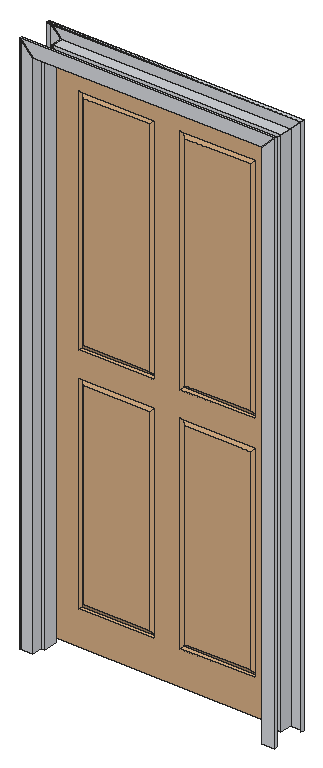
Revit family "Ext-Embossed-Door-WDMF-4-Panel-36 x 84", category Doors, host Wall, Revit 2014
Parameters (values of type "Ext-E-WDMF-4-Panel-36" x 84"")
  Width = Door Panel Width  # 3' - 0"
  Wall Thickness [instance] = 0' - 5 3/4"
  URL = ""
  Type Comments = "EXT,"
  Thickness = 0' - 1 3/4"
  Swing Angle [instance] = 90.00°
  SDI RO Spacing = 0' - 0"
  SDI Panel 1 Width = Leaf Width + 0' 0 3/16"  # 3' - 0"
  SDI No Panels = ""
  SDI HW Set [instance] = ""
  SDI HW Item LO-2 [instance] = ""
  SDI HW Item LO-1 [instance] = ""
  SDI HW Item KP-2 [instance] = ""
  SDI HW Item KP-1 [instance] = ""
  SDI HW Item HI-2 [instance] = ""
  SDI HW Item HI-1 [instance] = ""
  SDI HW Item HC-2 [instance] = ""
  SDI HW Item HC-1 [instance] = ""
  SDI HW Item ED-2 [instance] = ""
  SDI HW Item ED-1 [instance] = ""
  SDI HW Item DO-2 [instance] = ""
  SDI HW Item DO-1 [instance] = ""
  SDI HW Item CL-2 [instance] = ""
  SDI HW Item CL-1 [instance] = ""
  SDI Glass Material = Glass
  SDI Frame Type = "3 Piece"
  SDI Frame Material Type = "Hollow Metal"
  SDI Frame Material = Paint - Generic - Prime
  SDI Frame Manufacturer = ""
  SDI Frame Jamb Width = 0' - 2"
  SDI Frame Head Width = 0' - 2"
  SDI Frame Finish Type = "Painted"
  SDI Frame Finish Color = "Prime"
  SDI Frame Depth [instance] = 0' - 5 3/4"
  SDI Family Version = "1.0"
  SDI Door Top Rail Width = 0' - 7 3/4"
  SDI Door Stile Width = 0' - 6"
  SDI Door Panel Type = "N"
  SDI Door Material Type = "Hollow Metal"
  SDI Door Material = Stain - SRO - Red Oak 100 Clear
  SDI Door Manufacturer = ""
  SDI Door Glass Type = "1/4\" Tempered"
  SDI Door Finish Type = "Painted"
  SDI Door Finish Color = "Prime"
  SDI Door Configuration = "SG"
  SDI Door Bottom Rail Width = 5' - 0"
  SDI Arch Frame Type [instance] = ""
  SDI Arch Frame Material Type [instance] = "HM"
  SDI Arch Door Panel Type [instance] = "N"
  SDI Arch Door Material Type [instance] = "HM"
  Rough Width = Frame Width - 0' 0" + 2 * SDI RO Spacing  # 3' - 4"
  Rough Height = Frame Height - 0' 0" + SDI RO Spacing  # 7' - 2"
  R1 Height = 7' - 0"
  P1 Width = 3' - 2"
  Model = "Ext-E-WDMF-4-Panel-36\" x 84\""
  Manufacturer = ""
  Leaf Width = P1 Width - 0' 2 3/16"  # 2' - 11 13/16"
  Height = Door Panel Height  # 7' - 0"
  Glass Offset [instance] = 0' 2 1/16" + (SDI Frame Depth - 0' 5 3/4") / 2  # 0' - 2 1/16"
  Function = Exterior
  Frame Width = P1 Width + 0' 2"  # 3' - 4"
  Frame Offset [instance] = if(Aligned Exterior, SDI Frame Depth / 2, if(Aligned Center, Wall Thickness / 2, if(Aligned Interior, Wall Thickness - SDI Frame Depth + SDI Frame Depth / 2, Aligned Other)))  # 0' - 2 7/8"
  Frame Height = R1 Height + 0' 2"  # 7' - 2"
  Fire Rating = ""
  Exterior Glazing [instance] = no
  Door Panel Width = P1 Width - 0' 2"  # 3' - 0"
  Door Panel Height = R1 Height + 0' 2" - (0' 2")  # 7' - 0"
  Door Offset [instance] = 0' 2 13/16" + (SDI Frame Depth - 0' 5 3/4") / 2  # 0' - 2 13/16"
  Description = "Wood Door with Hollow Metal Frame 4 Panel"
  Cost = 0
  Assembly Code = "B2030120"
  Analytic Construction = "<None>"
  Aligned Other [instance] = 0' - 0"
  Aligned Interior [instance] = no
  Aligned Exterior [instance] = yes
  Aligned Center [instance] = no
  ADA Clearance Lines = no
Reference planes (in)
  plane 1: y = 0
  plane 2 "Center (Left/Right)": x = 0
  plane 3 "Wall Edge": y = 2.875
  plane 4 "Wall Interior": y = -2.875
  plane 5 "ModelRefLevel": z = 0
  plane 6 "FrameDepthPlane": y = 0
  plane 7 "FrameFront": y = 2.875
  plane 8 "FrameBack": y = -2.875
  plane 9 "V0": x = 19
  plane 10 "V1": x = -19
  plane 11 "H0": z = 1
  plane 12 "H1": z = 85
  plane 13 "DoorLeft": x = 18
  plane 14 "DoorRight": x = -18
  plane 15 "DoorCenter": x = 0
  plane 16 "DoorTop": z = 83.875
  plane 17 "DoorCenterTB": z = 41.9375
  plane 18 "DoorExtFace": y = 2.8125
  plane 19 "DoorGlassFace": y = 2.0625
  plane 20 "LockCenterLine": z = 32.5625
  plane 21 "DoorExtFace1": y = 2.0625
  plane 22 "GlassRight1": x = -11.90625
  plane 23 "ActDoorLeft": x = 17.90625
  plane 24 "SwingClrPlane": y = 62.875
  plane 25 "SwingPartialPlane": y = 50.875
  plane 26: x = -7.90625
  plane 27: x = -11.90625
  plane 28: z = 76.125
  plane 29: z = 51.125
  plane 30: z = 79
  plane 31: z = 6
  plane 32: z = 38.5
  plane 33: x = 13.90625
  plane 34: x = -13.90625
  plane 35: x = 2
  plane 36: x = -2
  plane 37: z = 42.5
  plane 38: z = 42.5
Forms (in)
  Extrusion 1, solid
    sketch origin (138.6875, 0, 43) x (-1, 0, 0) y (0, -1, 0)
      loop
        line (118.6875, -2.375) -> (118.6875, -2.875) -> (120.6875, -2.875) -> (120.6875, -0.9375) -> (121.3125, -0.9375) -> (121.3125, 1.3125) -> (120.6875, 1.3125) -> (120.6875, 2.875) -> (118.6875, 2.875) -> (118.6875, 2.4375) -> (118.75, 2.4375) -> (118.75, 2.8125) -> (120.625, 2.8125) -> (120.625, 1.25) -> (121.25, 1.25) -> (121.25, -0.875) -> (120.625, -0.875) -> (120.625, -2.8125) -> (118.75, -2.8125) -> (118.75, -2.375) -> (118.6875, -2.375)
    from -43 to 43
  Extrusion 2, void
    sketch origin (0, 2.875, 0) x (1, 0, 0) y (0, 0, 1)
      loop
        line (20, 86) -> (17.375, 86) -> (17.375, 83.375) -> (20, 86)
    from -12 to 12
  Extrusion 3, solid
    sketch origin (101.3125, 0, 43) x (-1, 0, 0) y (0, -1, 0)
      loop
        line (121.25, -2.375) -> (121.25, -2.8125) -> (119.375, -2.8125) -> (119.375, -0.875) -> (118.75, -0.875) -> (118.75, 1.25) -> (119.375, 1.25) -> (119.375, 2.8125) -> (121.25, 2.8125) -> (121.25, 2.4375) -> (121.3125, 2.4375) -> (121.3125, 2.875) -> (119.3125, 2.875) -> (119.3125, 1.3125) -> (118.6875, 1.3125) -> (118.6875, -0.9375) -> (119.3125, -0.9375) -> (119.3125, -2.875) -> (121.3125, -2.875) -> (121.3125, -2.375) -> (121.25, -2.375)
    from -43 to 43
  Extrusion 4, void
    sketch origin (0, 2.875, 0) x (1, 0, 0) y (0, 0, 1)
      loop
        line (-20, 86) -> (-17.375, 83.375) -> (-17.375, 86) -> (-20, 86)
    from -12 to 12
  Extrusion 5, solid
    sketch origin (0, 0, 84.6875) x (0, 1, 0) y (0, 0, 1)
      loop
        line (2.375, 1.25) -> (2.8125, 1.25) -> (2.8125, -0.625) -> (0.875, -0.625) -> (0.875, -1.25) -> (-1.25, -1.25) -> (-1.25, -0.625) -> (-2.8125, -0.625) -> (-2.8125, 1.25) -> (-2.4375, 1.25) -> (-2.4375, 1.3125) -> (-2.875, 1.3125) -> (-2.875, -0.6875) -> (-1.3125, -0.6875) -> (-1.3125, -1.3125) -> (0.9375, -1.3125) -> (0.9375, -0.6875) -> (2.875, -0.6875) -> (2.875, 1.3125) -> (2.375, 1.3125) -> (2.375, 1.25)
    from -20 to 20
  Extrusion 6, void
    sketch origin (0, 2.875, 0) x (1, 0, 0) y (0, 0, 1)
      loop
        line (-20, 86) -> (-20, 83.375) -> (-17.375, 83.375) -> (-20, 86)
    from -12 to 12
  Extrusion 7, void
    sketch origin (0, 2.875, 0) x (1, 0, 0) y (0, 0, 1)
      loop
        line (20, 86) -> (17.375, 83.375) -> (20, 83.375) -> (20, 86)
    from -12 to 12
  Extrusion 8, solid, material "Stain - SRO - Red Oak 100 Clear" <- "SDI Door Material"
    sketch origin (-60, 2.8125, -12) x (1, 0, 0) y (0, 0, 1)
      loop
        line (77.90625, 12.625) -> (77.90625, 95.875) -> (42.09375, 95.875) -> (42.09375, 12.625) -> (77.90625, 12.625)
    from 0 to 1.75
  Sweep 9, void
    path origin (0, 2.875, 0) x (1, 0, 0) y (0, 0, 1)
      loop
        line (13.90625, 79) -> (2, 79) -> (2, 42.5) -> (13.90625, 42.5) -> (13.90625, 79)
    profile origin (13.90625, 2.875, 60.75) x (0, -1, 0) y (1, 0, 0)
      loop
        line (0, 0) -> (0, -0.92134) -> (0.5, -0.23315) -> (0, 0)
      loop
        line (1.875, 0) -> (1.375, -0.23315) -> (1.875, -0.92134) -> (1.875, 0)
  Sweep 10, void
    path origin (0, 2.875, 0) x (1, 0, 0) y (0, 0, 1)
      loop
        line (13.90625, 38.5) -> (2, 38.5) -> (2, 6) -> (13.90625, 6) -> (13.90625, 38.5)
    profile origin (13.90625, 2.875, 22.25) x (0, -1, 0) y (1, 0, 0)
      loop
        line (0, 0) -> (0, -0.92134) -> (0.5, -0.23315) -> (0, 0)
      loop
        line (1.875, 0) -> (1.375, -0.23315) -> (1.875, -0.92134) -> (1.875, 0)
  Sweep 11, void
    path origin (0, 2.875, 0) x (1, 0, 0) y (0, 0, 1)
      loop
        line (-2, 79) -> (-13.90625, 79) -> (-13.90625, 42.5) -> (-2, 42.5) -> (-2, 79)
    profile origin (-2, 2.875, 60.75) x (0, -1, 0) y (1, 0, 0)
      loop
        line (0.0625, -0.80529) -> (0.5, -0.20312) -> (0.0625, -0.00088) -> (0.0625, -0.80529)
      loop
        line (1.8143, -0.80529) -> (1.8143, -0.00088) -> (1.3768, -0.20312) -> (1.8143, -0.80529)
  Sweep 12, void
    path origin (0, 2.875, 0) x (1, 0, 0) y (0, 0, 1)
      loop
        line (-2, 38.5) -> (-13.90625, 38.5) -> (-13.90625, 6) -> (-2, 6) -> (-2, 38.5)
    profile origin (-2, 2.875, 22.25) x (0, -1, 0) y (1, 0, 0)
      loop
        line (0.0625, -0.00088) -> (0.0625, -0.80529) -> (0.5, -0.20312) -> (0.0625, -0.00088)
      loop
        line (1.8143, -0.00088) -> (1.3768, -0.20312) -> (1.8143, -0.80529) -> (1.8143, -0.00088)
Cuts and joins
  Extrusion 2 cuts Extrusion 1
  Extrusion 4 cuts Extrusion 3
  Extrusion 6, Extrusion 7 cuts Extrusion 5
  Sweep 9, Sweep 10, Sweep 11, Sweep 12 cuts Extrusion 8
Lines and regions (in)
  Opening 1
    outline origin (-60, -2.875, 0) x (1, 0, 0) y (0, 0, 1)
      loop
        line (80, 0) -> (80, 86) -> (40, 86) -> (40, 0) -> (80, 0)
  symbolic lines, style "DoorsFrameMullionProjection", detail levels fine
    curve 1: line (20, 2.375, 0) -> (20, 2.875, 0)
    curve 2: line (20, 2.875, 0) -> (18, 2.875, 0)
    curve 3: line (18, 2.875, 0) -> (18, 0.9375, 0)
    curve 4: line (18, 0.9375, 0) -> (17.375, 0.9375, 0)
    curve 5: line (17.375, 0.9375, 0) -> (17.375, -1.3125, 0)
    curve 6: line (17.375, -1.3125, 0) -> (18, -1.3125, 0)
    curve 7: line (18, -1.3125, 0) -> (18, -2.875, 0)
    curve 8: line (18, -2.875, 0) -> (20, -2.875, 0)
    curve 9: line (20, -2.875, 0) -> (20, -2.4375, 0)
    curve 10: line (20, -2.4375, 0) -> (19.9375, -2.4375, 0)
    curve 11: line (19.9375, -2.4375, 0) -> (19.9375, -2.8125, 0)
    curve 12: line (19.9375, -2.8125, 0) -> (18.0625, -2.8125, 0)
    curve 13: line (18.0625, -2.8125, 0) -> (18.0625, -1.25, 0)
    curve 14: line (18.0625, -1.25, 0) -> (17.4375, -1.25, 0)
    curve 15: line (17.4375, -1.25, 0) -> (17.4375, 0.875, 0)
    curve 16: line (17.4375, 0.875, 0) -> (18.0625, 0.875, 0)
    curve 17: line (18.0625, 0.875, 0) -> (18.0625, 2.8125, 0)
    curve 18: line (18.0625, 2.8125, 0) -> (19.9375, 2.8125, 0)
    curve 19: line (19.9375, 2.8125, 0) -> (19.9375, 2.375, 0)
    curve 20: line (19.9375, 2.375, 0) -> (20, 2.375, 0)
    curve 25: line (-19.9375, 2.375, 0) -> (-19.9375, 2.8125, 0)
    curve 26: line (-19.9375, 2.8125, 0) -> (-18.0625, 2.8125, 0)
    curve 27: line (-18.0625, 2.8125, 0) -> (-18.0625, 0.875, 0)
    curve 28: line (-18.0625, 0.875, 0) -> (-17.4375, 0.875, 0)
    curve 29: line (-17.4375, 0.875, 0) -> (-17.4375, -1.25, 0)
    curve 30: line (-17.4375, -1.25, 0) -> (-18.0625, -1.25, 0)
    curve 31: line (-18.0625, -1.25, 0) -> (-18.0625, -2.8125, 0)
    curve 32: line (-18.0625, -2.8125, 0) -> (-19.9375, -2.8125, 0)
    curve 33: line (-19.9375, -2.8125, 0) -> (-19.9375, -2.4375, 0)
    curve 34: line (-19.9375, -2.4375, 0) -> (-20, -2.4375, 0)
    curve 35: line (-20, -2.4375, 0) -> (-20, -2.875, 0)
    curve 36: line (-20, -2.875, 0) -> (-18, -2.875, 0)
    curve 37: line (-18, -2.875, 0) -> (-18, -1.3125, 0)
    curve 38: line (-18, -1.3125, 0) -> (-17.375, -1.3125, 0)
    curve 39: line (-17.375, -1.3125, 0) -> (-17.375, 0.9375, 0)
    curve 40: line (-17.375, 0.9375, 0) -> (-18, 0.9375, 0)
    curve 41: line (-18, 0.9375, 0) -> (-18, 2.875, 0)
    curve 42: line (-18, 2.875, 0) -> (-20, 2.875, 0)
    curve 43: line (-20, 2.875, 0) -> (-20, 2.375, 0)
    curve 44: line (-20, 2.375, 0) -> (-19.9375, 2.375, 0)
  symbolic lines, style "DoorsFrameMullionProjection", detail levels coarse+medium
    curve 21: line (18, -2.875, 0) -> (20, -2.875, 0)
    curve 22: line (18, 2.875, 0) -> (20, 2.875, 0)
    curve 23: line (18, -2.875, 0) -> (18, 2.875, 0)
    curve 24: line (20, -2.875, 0) -> (20, 2.875, 0)
    curve 45: line (-20, -2.875, 0) -> (-18, -2.875, 0)
    curve 46: line (-20, 2.875, 0) -> (-18, 2.875, 0)
    curve 47: line (-20, -2.875, 0) -> (-20, 2.875, 0)
    curve 48: line (-18, -2.875, 0) -> (-18, 2.875, 0)
  symbolic lines, style "Elevation Swing"
    curve 49: line (-17.90625, 2.875, 83.875) -> (17.90625, 2.875, 41.9375)
    curve 50: line (-17.90625, 2.875, 0) -> (17.90625, 2.875, 41.9375)
  symbolic lines, style "ADA Clearance", visible <- "ADA Clearance Lines"
    curve 51: line (20, 2.875, 0) -> (20, 62.875, 0)
    curve 52: line (-36, 62.875, 0) -> (20, 62.875, 0)
    curve 53: line (-36, 50.875, 0) -> (20, 50.875, 0)
    curve 54: line (-36, 2.875, 0) -> (-36, 62.875, 0)
    curve 55: line (20, -2.875, 0) -> (20, -50.875, 0)
    curve 56: line (-30, -50.875, 0) -> (20, -50.875, 0)
    curve 57: line (-30, -2.875, 0) -> (-30, -50.875, 0)
Text (in)
  text "Placement Side" at (0, 40.15149, 123.01588), in view "Right"
  text "Placement Side" at (-70.3804, 28.46503, 0), in view "Ref. Level"
  text "Placement Side" at (0, 81.62555, 140.59947), in view "Left"
Dimensions and locks (in)
  locked: plane 3 "Wall Edge" to host wall
  equal spacing: host wall, plane 2 "Center (Left/Right)", host wall
  "Rough Width": host wall to host wall
  "Rough Height": level to host wall
  equal spacing: plane 3 "Wall Edge", plane 1, plane 4 "Wall Interior"
  "Wall Thickness": host wall to host wall
  "Frame Offset": plane 3 "Wall Edge" to plane 6 "FrameDepthPlane"
  equal spacing: plane 7 "FrameFront", plane 6 "FrameDepthPlane", plane 8 "FrameBack"
  "SDI Frame Depth": plane 7 "FrameFront" to plane 8 "FrameBack"
  equal spacing: plane 9 "V0", plane 2 "Center (Left/Right)", plane 10 "V1"
  "P1 Width": plane 9 "V0" to plane 10 "V1"
  "R1 Height": plane 11 "H0" to plane 12 "H1"
  locked: plane 12 "H1" to Extrusion 1 at 1
  locked: plane 11 "H0" to Extrusion 1 at 1
  locked: plane 9 "V0" to Extrusion 1 at 1  (x4)
  locked: plane 9 "V0" to Extrusion 1 at 0.9375  (x5)
  locked: plane 9 "V0" to Extrusion 1 at 1.5625
  locked: plane 9 "V0" to Extrusion 1 at 1.625
  locked: plane 12 "H1" to Extrusion 3 at 1
  locked: plane 11 "H0" to Extrusion 3 at 1
  locked: plane 10 "V1" to Extrusion 3 at 0.9375  (x4)
  locked: plane 10 "V1" to Extrusion 3 at 1  (x5)
  locked: plane 10 "V1" to Extrusion 3 at 1.625
  locked: plane 10 "V1" to Extrusion 3 at 1.5625
  locked: plane 9 "V0" to Extrusion 5 at 1
  locked: plane 10 "V1" to Extrusion 5 at 1
  locked: plane 12 "H1" to Extrusion 5 at 0.9375  (x5)
  locked: plane 12 "H1" to Extrusion 5 at 1.5625
  locked: plane 12 "H1" to Extrusion 5 at 1  (x4)
  locked: plane 12 "H1" to Extrusion 5 at 1.625
  locked: plane 7 "FrameFront" to cut or joined group of Extrusion 1, Extrusion 2 at 1.9375
  locked: plane 7 "FrameFront" to cut or joined group of Extrusion 1, Extrusion 2 at 2
  locked: plane 7 "FrameFront" to cut or joined group of Extrusion 1, Extrusion 2 at 0.0625
  locked: plane 7 "FrameFront" to cut or joined group of Extrusion 1, Extrusion 2 at 0.5
  locked: plane 8 "FrameBack" to cut or joined group of Extrusion 1, Extrusion 2 at 1.5625
  locked: plane 8 "FrameBack" to cut or joined group of Extrusion 1, Extrusion 2 at 0.4375
  locked: plane 8 "FrameBack" to cut or joined group of Extrusion 1, Extrusion 2 at 0.0625
  locked: plane 8 "FrameBack" to cut or joined group of Extrusion 1, Extrusion 2 at 1.625
  locked: plane 7 "FrameFront" to cut or joined group of Extrusion 3, Extrusion 4 at 0.0625
  locked: plane 7 "FrameFront" to cut or joined group of Extrusion 3, Extrusion 4 at 2
  locked: plane 7 "FrameFront" to cut or joined group of Extrusion 3, Extrusion 4 at 1.9375
  locked: plane 7 "FrameFront" to cut or joined group of Extrusion 3, Extrusion 4 at 0.5
  locked: plane 8 "FrameBack" to cut or joined group of Extrusion 3, Extrusion 4 at 1.625
  locked: plane 8 "FrameBack" to cut or joined group of Extrusion 3, Extrusion 4 at 0.0625
  locked: plane 8 "FrameBack" to cut or joined group of Extrusion 3, Extrusion 4 at 0.4375
  locked: plane 8 "FrameBack" to cut or joined group of Extrusion 3, Extrusion 4 at 1.5625
  locked: plane 7 "FrameFront" to cut or joined group of Extrusion 5, Extrusion 6, Extrusion 7 at 0.0625
  locked: plane 7 "FrameFront" to cut or joined group of Extrusion 5, Extrusion 6, Extrusion 7 at 2
  locked: plane 7 "FrameFront" to cut or joined group of Extrusion 5, Extrusion 6, Extrusion 7 at 1.9375
  locked: plane 7 "FrameFront" to cut or joined group of Extrusion 5, Extrusion 6, Extrusion 7 at 0.5
  locked: plane 8 "FrameBack" to cut or joined group of Extrusion 5, Extrusion 6, Extrusion 7 at 1.625
  locked: plane 8 "FrameBack" to cut or joined group of Extrusion 5, Extrusion 6, Extrusion 7 at 0.0625
  locked: plane 8 "FrameBack" to cut or joined group of Extrusion 5, Extrusion 6, Extrusion 7 at 0.4375
  locked: plane 8 "FrameBack" to cut or joined group of Extrusion 5, Extrusion 6, Extrusion 7 at 1.5625
  locked: plane 7 "FrameFront" to curve 4 at 1.9375
  locked: plane 7 "FrameFront" to curve 16 at 2
  locked: plane 7 "FrameFront" to curve 18 at 0.0625
  locked: plane 7 "FrameFront" to curve 20 at 0.5
  locked: plane 7 "FrameFront" to curve 26 at 0.0625
  locked: plane 7 "FrameFront" to curve 28 at 2
  locked: plane 7 "FrameFront" to curve 40 at 1.9375
  locked: plane 7 "FrameFront" to curve 44 at 0.5
  locked: plane 8 "FrameBack" to curve 6 at 1.5625
  locked: plane 8 "FrameBack" to curve 10 at 0.4375
  locked: plane 8 "FrameBack" to curve 12 at 0.0625
  locked: plane 8 "FrameBack" to curve 14 at 1.625
  locked: plane 8 "FrameBack" to curve 30 at 1.625
  locked: plane 8 "FrameBack" to curve 32 at 0.0625
  locked: plane 8 "FrameBack" to curve 34 at 0.4375
  locked: plane 8 "FrameBack" to curve 38 at 1.5625
  locked: plane 9 "V0" to plane 13 "DoorLeft" at 1
  locked: plane 10 "V1" to plane 14 "DoorRight" at 1
  locked: plane 12 "H1" to plane 16 "DoorTop" at 1.125
  equal spacing: plane 16 "DoorTop", plane 17 "DoorCenterTB", plane 5 "ModelRefLevel"
  "Door Offset": plane 6 "FrameDepthPlane" to plane 18 "DoorExtFace"
  "Glass Offset": plane 6 "FrameDepthPlane" to plane 19 "DoorGlassFace"
  plane 20 "LockCenterLine" to plane 5 "ModelRefLevel" = 2' - 8 9/16"
  locked: Extrusion 8 to Extrusion 8 at 1.75
  locked: plane 6 "FrameDepthPlane" to plane 21 "DoorExtFace1" at 2.0625
  locked: plane 14 "DoorRight" to plane 22 "GlassRight1" at 6.09375
  locked: plane 13 "DoorLeft" to Extrusion 8 at 0.09375
  locked: plane 14 "DoorRight" to Extrusion 8 at 0.09375
  locked: plane 5 "ModelRefLevel" to Extrusion 8 at 0.625
  locked: plane 13 "DoorLeft" to plane 23 "ActDoorLeft" at 0.09375
  locked: plane 3 "Wall Edge" to plane 24 "SwingClrPlane" at 60
  locked: plane 3 "Wall Edge" to plane 25 "SwingPartialPlane" at 48
  locked: plane 27 to plane 14 "DoorRight" at 6.09375
  plane 26 to plane 27 = 0' - 4"
  locked: plane 29 to plane 28 at 25
  locked: plane 28 to plane 12 "H1" at 8.875
  locked: plane 30 to plane 12 "H1" at 6
  locked: plane 11 "H0" to plane 31 at 5
  locked: plane 23 "ActDoorLeft" to plane 33 at 4
  locked: plane 34 to plane 14 "DoorRight" at 4.09375
  locked: plane 15 "DoorCenter" to plane 35 at 2
  locked: plane 15 "DoorCenter" to plane 36 at 2
  locked: plane 32 to plane 37 at 4
  locked: plane 37 to plane 38 at 0
  equal spacing: plane 31, plane 38, plane 30
  aligned and locked: plane 4 "Wall Interior" to host wall
  aligned and locked: cut or joined group of Extrusion 1, Extrusion 2 to plane 7 "FrameFront"
  aligned and locked: plane 8 "FrameBack" to cut or joined group of Extrusion 1, Extrusion 2
  aligned and locked: cut or joined group of Extrusion 3, Extrusion 4 to plane 7 "FrameFront"
  aligned and locked: plane 8 "FrameBack" to cut or joined group of Extrusion 3, Extrusion 4
  aligned and locked: cut or joined group of Extrusion 5, Extrusion 6, Extrusion 7 to plane 7 "FrameFront"
  aligned and locked: plane 8 "FrameBack" to cut or joined group of Extrusion 5, Extrusion 6, Extrusion 7
  aligned and locked: curve 2 to plane 7 "FrameFront"
  aligned and locked: plane 7 "FrameFront" to curve 22
  aligned and locked: curve 42 to plane 7 "FrameFront"
  aligned and locked: plane 7 "FrameFront" to curve 46
  aligned and locked: plane 8 "FrameBack" to curve 8
  aligned and locked: plane 8 "FrameBack" to curve 36
  aligned and locked: Extrusion 8 to plane 18 "DoorExtFace"
  aligned and locked: Extrusion 8 to plane 16 "DoorTop"
  aligned and locked: plane 7 "FrameFront" to nested 1
  aligned and locked: plane 23 "ActDoorLeft" to nested 1
  aligned and locked: plane 24 "SwingClrPlane" to curve 52
  aligned and locked: plane 25 "SwingPartialPlane" to curve 53
  aligned and locked: Sweep 9 sketch curve to plane 30
  aligned and locked: Sweep 9 sketch curve to plane 33
  aligned and locked: Sweep 10 sketch curve to plane 31
  aligned and locked: Sweep 10 sketch curve to plane 32
  aligned and locked: Sweep 10 sketch curve to plane 33
  aligned and locked: Sweep 9 sketch curve to plane 35
  aligned and locked: Sweep 10 sketch curve to plane 35
  aligned and locked: plane 36 to Sweep 11 sketch curve
  aligned and locked: plane 30 to Sweep 11 sketch curve
  aligned and locked: plane 34 to Sweep 11 sketch curve
  aligned and locked: plane 36 to Sweep 12 sketch curve
  aligned and locked: plane 34 to Sweep 12 sketch curve
  aligned and locked: plane 31 to Sweep 12 sketch curve
  aligned and locked: plane 32 to Sweep 12 sketch curve
  aligned and locked: Sweep 9 sketch curve to plane 37
  aligned and locked: Sweep 11 sketch curve to plane 37
Automatic sketch dimensions
  Opening 1 sketch curve to level = 0' - 0"
  Opening 1 sketch curve to plane 2 "Center (Left/Right)" = 1' - 8"
  plane 2 "Center (Left/Right)" to Opening 1 sketch curve = 1' - 8"
  level to Opening 1 sketch curve = 7' - 2"
  Extrusion 2 sketch curve to plane 9 "V0" = 0' - 1 5/8"
  plane 9 "V0" to Extrusion 2 sketch curve = 0' - 1"
  plane 12 "H1" to Extrusion 2 sketch curve = 0' - 1 5/8"
  Extrusion 2 sketch curve to plane 12 "H1" = 0' - 1"
  Extrusion 1 sketch curve to host wall = 0' - 0"
  host wall to Extrusion 1 sketch curve = 0' - 0"
  Extrusion 1 sketch curve to host wall = 0' - 0 1/2"
  plane 2 "Center (Left/Right)" to Extrusion 1 sketch curve = 1' - 8"  (x2)
  Extrusion 1 sketch curve to host wall = 0' - 0 7/16"
  Extrusion 1 sketch curve to Extrusion 1 sketch curve = 0' - 0 1/16"  (x7)
  plane 2 "Center (Left/Right)" to Extrusion 1 sketch curve = 1' - 6 1/16"  (x2)
  Extrusion 1 sketch curve to host wall = 0' - 0 1/16"  (x2)
  Extrusion 1 sketch curve to Extrusion 1 sketch curve = 0' - 0 9/16"
  Extrusion 1 sketch curve to host wall = 0' - 0 15/16"
  host wall to Extrusion 1 sketch curve = 0' - 1 1/4"
  plane 9 "V0" to curve 1 = 0' - 1"
  curve 6 to curve 5 = 0' - 0 5/8"
  curve 7 to plane 9 "V0" = 0' - 1"
  curve 9 to curve 10 = 0' - 0 1/16"
  curve 12 to curve 7 = 0' - 0 1/16"
  curve 14 to curve 5 = 0' - 0 1/16"
  curve 16 to curve 3 = 0' - 0 1/16"
  curve 1 to curve 18 = 0' - 0 1/16"
  Extrusion 4 sketch curve to plane 10 "V1" = 0' - 1"
  plane 10 "V1" to Extrusion 4 sketch curve = 0' - 1 5/8"
  plane 12 "H1" to Extrusion 4 sketch curve = 0' - 1 5/8"
  Extrusion 4 sketch curve to plane 12 "H1" = 0' - 1"
  host wall to Extrusion 3 sketch curve = 0' - 0"
  Extrusion 3 sketch curve to host wall = 0' - 0"
  Extrusion 3 sketch curve to plane 2 "Center (Left/Right)" = 1' - 5 3/8"
  Extrusion 3 sketch curve to Extrusion 3 sketch curve = 0' - 0 1/16"  (x7)
  Extrusion 3 sketch curve to Extrusion 3 sketch curve = 0' - 0 9/16"  (x2)
  Extrusion 3 sketch curve to host wall = 0' - 0 7/16"
  Extrusion 3 sketch curve to plane 2 "Center (Left/Right)" = 1' - 7 15/16"  (x2)
  Extrusion 3 sketch curve to host wall = 0' - 0 1/2"
  Extrusion 3 sketch curve to host wall = 0' - 0 1/16"  (x2)
  Extrusion 3 sketch curve to host wall = 0' - 0 15/16"
  host wall to Extrusion 3 sketch curve = 0' - 1 1/4"
  plane 10 "V1" to curve 26 = 0' - 0 15/16"
  curve 29 to curve 30 = 0' - 0 5/8"
  curve 32 to plane 10 "V1" = 0' - 0 15/16"
  curve 33 to curve 34 = 0' - 0 1/16"
  curve 36 to curve 31 = 0' - 0 1/16"
  curve 38 to curve 29 = 0' - 0 1/16"
  curve 40 to curve 27 = 0' - 0 1/16"
  curve 25 to curve 42 = 0' - 0 1/16"
  Extrusion 6 sketch curve to plane 10 "V1" = 0' - 1"
  plane 10 "V1" to Extrusion 6 sketch curve = 0' - 1 5/8"
  plane 12 "H1" to Extrusion 6 sketch curve = 0' - 1 5/8"
  Extrusion 6 sketch curve to plane 12 "H1" = 0' - 1"
  Extrusion 7 sketch curve to plane 9 "V0" = 0' - 1 5/8"
  plane 9 "V0" to Extrusion 7 sketch curve = 0' - 1"
  plane 12 "H1" to Extrusion 7 sketch curve = 0' - 1 5/8"
  Extrusion 7 sketch curve to plane 12 "H1" = 0' - 1"
  Extrusion 5 sketch curve to host wall = 0' - 0"  (x2)
  Extrusion 5 sketch curve to host wall = 0' - 0 1/16"  (x2)
  Extrusion 5 sketch curve to Extrusion 5 sketch curve = 0' - 0 3/8"
  host wall to Extrusion 5 sketch curve = 0' - 1 5/16"
  Extrusion 5 sketch curve to Extrusion 5 sketch curve = 0' - 0 1/16"  (x7)
  Extrusion 5 sketch curve to host wall = 0' - 0 7/8"
  Extrusion 5 sketch curve to host wall = 0' - 0 1/2"
  level to Extrusion 5 sketch curve = 6' - 11 3/8"
  Extrusion 5 sketch curve to Extrusion 5 sketch curve = 0' - 0 9/16"  (x2)
  Extrusion 5 sketch curve to plane 11 "H0" = 7' - 0 15/16"  (x2)
  Extrusion 8 sketch curve to plane 16 "DoorTop" = 0' - 0"
  plane 14 "DoorRight" to Extrusion 8 sketch curve = 0' - 0 3/32"
  Extrusion 8 sketch curve to plane 13 "DoorLeft" = 0' - 0 3/32"
  plane 11 "H0" to Extrusion 8 sketch curve = 0' - 0 3/8"
  curve 49 to plane 16 "DoorTop" = 0' - 0"
  curve 49 to plane 17 "DoorCenterTB" = 0' - 0"
  plane 14 "DoorRight" to curve 49 = 0' - 0 3/32"
  curve 50 to level = 0' - 0"
  curve 50 to plane 23 "ActDoorLeft" = 0' - 0"
  plane 14 "DoorRight" to curve 50 = 0' - 0 3/32"
  curve 51 to host wall = 0' - 0"
  plane 9 "V0" to curve 51 = 0' - 1"
  curve 54 to host wall = 0' - 0"
  host wall to curve 55 = 0' - 0"
  plane 9 "V0" to curve 55 = 0' - 1"
  host wall to curve 55 = 4' - 0"
  curve 56 to plane 10 "V1" = 0' - 11"
  host wall to curve 57 = 0' - 0"
  curve 57 to curve 54 = 0' - 6"
  profile plane to Sweep 9 sketch curve = 0' - 0"
  profile plane to Sweep 9 sketch curve = 0' - 0.23315"  (x2)
  profile plane to Sweep 9 sketch curve = 0' - 0 1/2"
  Sweep 9 sketch curve to Sweep 9 sketch curve = 0' - 0 7/8"
  Sweep 9 sketch curve to Sweep 9 sketch curve = 0' - 0 1/2"
  profile plane to Sweep 9 sketch curve = 0' - 0.92134"  (x2)
  Sweep 9 sketch curve to profile plane = 0' - 0"  (x2)
  profile plane to Sweep 10 sketch curve = 0' - 0"
  profile plane to Sweep 10 sketch curve = 0' - 0.23315"  (x2)
  profile plane to Sweep 10 sketch curve = 0' - 0 1/2"
  Sweep 10 sketch curve to Sweep 10 sketch curve = 0' - 0 7/8"
  Sweep 10 sketch curve to Sweep 10 sketch curve = 0' - 0 1/2"
  profile plane to Sweep 10 sketch curve = 0' - 0.92134"  (x2)
  Sweep 10 sketch curve to profile plane = 0' - 0"  (x2)
  plane 7 "FrameFront" to Sweep 11 sketch curve = 0' - 0 1/16"
  profile plane to Sweep 11 sketch curve = 0' - 0 13/64"  (x2)
  Sweep 11 sketch curve to Sweep 11 sketch curve = 0' - 0 7/16"  (x2)
  Sweep 11 sketch curve to Sweep 11 sketch curve = 0' - 0.8768"
  profile plane to Sweep 11 sketch curve = 0' - 0.80529"
  Sweep 11 sketch curve to Sweep 11 sketch curve = 0' - 0.60217"
  profile plane to Sweep 11 sketch curve = 0' - 0.00088"  (x2)
  profile plane to Sweep 12 sketch curve = 0' - 0.00088"  (x2)
  plane 7 "FrameFront" to Sweep 12 sketch curve = 0' - 0 1/16"
  profile plane to Sweep 12 sketch curve = 0' - 0 13/64"  (x2)
  Sweep 12 sketch curve to Sweep 12 sketch curve = 0' - 0 7/16"  (x2)
  Sweep 12 sketch curve to Sweep 12 sketch curve = 0' - 0.8768"
  Sweep 12 sketch curve to Sweep 12 sketch curve = 0' - 0.60217"
  profile plane to Sweep 12 sketch curve = 0' - 0.80529"
Nested families (in)
  nested 1: "SingleDoorPlanLines" at (17.90625, 2.875, 0.625), type "SingleDoorPlanLines"
Definition of nested family "SingleDoorPlanLines"
  Parameters (values of type "SingleDoorPlanLines")
    Width = 3' - 0"
    URL = ""
    Thickness = 0' - 1 3/4"
    Analytic Construction = "<None>"
    Swing Angle = 90.00°
  Reference planes (in)
    plane 1 "Front": y = 0
    plane 2: z = 0
    plane 3 "Right": x = 0
    plane 4 "Left": x = -36
  Lines and regions (in)
    symbolic lines, style "DoorsPanelProjection"
      curve 1: line (0, 0, 0) -> (0, 36, 0)
      curve 2: line (0, 36, 0) -> (-1.75, 36, 0)
      curve 3: line (-1.75, 36, 0) -> (-1.75, 0, 0)
      curve 4: line (-1.75, 0, 0) -> (0, 0, 0)
    model lines, style "InvisibleLines", not visible
      curve 5: line (0, 0, 0) -> (-38.99851, -0.34033, 0)
    symbolic lines, style "Plan Swing"
      curve 6: arc (-35.99863, -0.31416, 0) -> (-25.56667, 25.34453, 0) -> (0, 36, 0) r 36
  Dimensions and locks (in)
    "Thickness": curve 3 to curve 1
    "Width": curve 2 to curve 4
    "Width": plane 4 "Left" to plane 3 "Right"
    "Swing Angle": angle curve 1 to plane 1 "Front"
    locked: plane 1 "Front" to curve 5 (angle 0.50°)
  Automatic sketch dimensions
    curve 6 to plane 1 "Front" = 0' - 0"
    curve 6 to plane 3 "Right" = 0' - 0"
    curve 4 to plane 1 "Front" = 0' - 0"
    curve 4 to plane 3 "Right" = 0' - 0"
